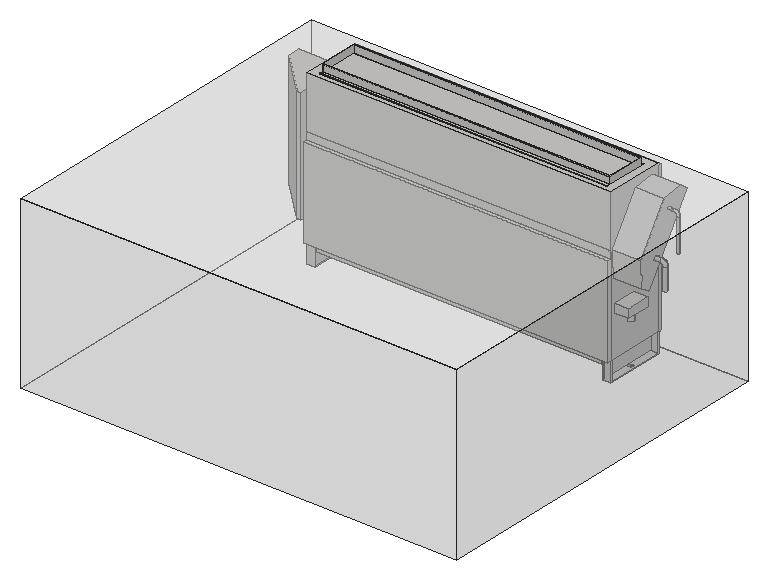
Revit family "outputfile", category 機械設備, Revit 2024
Family settings
  丸型コネクタ寸法 = 半径を使用
  パーツ タイプ = 標準
  OmniClass 番号 = 23.75.10.24.21.27.27
  OmniClass タイトル = Split System Air Conditioning Units
  作業面ベース = いいえ
  常に垂直 = はい
  ロード時にボイドで切り取り = いいえ
  注釈の向きを維持 = いいえ
  共有 = いいえ
  部屋計算ポイント = いいえ
Parameters (values of type "FXNQ50MAVE8")
  Description = ""
  製造元 = "Daikin"
  書き出し IFC クラス(タイプ) = "IfcUnitaryEquipmentType"
  定義済み IFC タイプ(タイプ) = "AIRCONDITIONINGUNIT"
  Cost = 0
  モデル = "FXNQ50MAVE8"
  Type Comments = ""
  Keynote = ""
  Type Image = (empty or 0)
  Assembly Code = ""
  w_hangerfixture = 0.0 mm
  w_dischargeflange = 984.0 mm
  w_body = 1040.0 mm
  r_Liquid Pipe Size = Liquid Pipe Size / 2  # 3.2 mm
  r_Gas Pipe Size = Gas Pipe Size / 2  # 6.35 mm
  w_mounting foot = 1030.0 mm
  r_Drain Pipe Size = Drain Pipe Size / 2  # 10.5 mm
  h_mountinghole = [h***] + 1.6 mm  # 1.6 mm
  lh_liquidpipe = 391.0 mm  # constant formula
  lh_gaspipe = 301.0 mm  # constant formula
  lh_drainpipe = 181.0 mm  # constant formula
  lh_antena = 583.4 mm  # constant formula
  ld_liquidpipe = 84.0 mm  # constant formula
  ld_gaspipe = 139.0 mm  # constant formula
  ld_drainpipe = 152.0 mm  # constant formula
  h*** = 0.0 mm  # constant formula
  w_front suction = 801.0 mm
  d_pipe_2 = 27.3 mm  # constant formula
  d_pipe_1 = 47.6 mm  # constant formula
  d_pipe = 71.2 mm  # constant formula
  d_body = 206.0 mm  # constant formula
  Width = 1350.4 mm
  Voltage_comment_50Hz = "220-240"
  Voltage_50Hz = 220 V
  Version = "ver.1.0"
  Unit Type = "Concealed Floor Standing Type"
  Unit Mass Weight = 27.00 kg
  Unit Designation [instance] = ""
  Uniclass2015Version = "Products v1.30"
  Uniclass2015Title = "Variable refrigerant flow units"
  Uniclass2015Code = "Pr_70_65_03_94"
  URL = ""
  Total Heating Capacity [instance] = 0.000 kW
  Total Cooling Capacity [instance] = 0.000 kW
  Sound Pressure Level_M speed (dBA) = 0
  Sound Pressure Level_L speed (dBA) = 35
  Sound Pressure Level_H speed (dBA) = 40
  Sound Power Level_H speed (dB) = 0
  Series = "VRV Fan Coil Unit"
  Sensible Cooling Capacity [instance] = 0.000 kW
  SA Duct Size Width = w_dischargeflange - 2.0 mm  # 982.0 mm
  SA Duct Size Height = 130.0 mm  # constant formula
  Refrigerant Type = "R410A"
  Power Input (Heating) = 0.110 kW
  Power Input (Cooling) = 0.110 kW
  Phase_50Hz = 1
  Option Accessory 3 [instance] = ""
  Option Accessory 2 [instance] = ""
  Option Accessory 1 [instance] = ""
  Nominal Heating Capacity = 6.300 kW
  Nominal Cooling Capacity = 5.600 kW
  Minimum External Static Pressure = 0.00 Pa
  Minimum Circuit Amps_50Hz = 0.6 A
  Minimum Airflow = 660.00 m³/h
  Median Airflow = 0.00 m³/h
  Maximum Fuse Amps_50Hz = 15.0 A
  Maximum External Static Pressure = 0.00 Pa
  Maximum Airflow = 840.00 m³/h
  Material_Casing = DAIKIN_GalvanizedSteel_Casing_indoorunit
  Load Classification = HVAC
  Liquid Pipe Size = 6.4 mm
  Link_Nested Family [instance] = ""
  IfcVersion = "0"
  IfcExportType = "AIRCONDITIONINGUNIT"
  IfcExportAs = "IfcUnitaryEquipmentType"
  Height = 609.0 mm
  Heating Entering Wet Bulb Temperature [instance] = 0.00 °C
  Heating Entering Dry Bulb Temperature [instance] = 0.00 °C
  Heating Ambient Wet Bulb Temperature [instance] = 0.00 °C
  Heating Ambient Dry Bulb Temperature [instance] = 0.00 °C
  Heat Exchanger Type = "Cross Fin Coil"
  Gas Pipe Size = 12.7 mm
  Frequency_50Hz = 50 Hz
  Fan Type = "Sirocco Fan"
  Fan Drive = "Direct Drive"
  FCU Tag No. [instance] = ""
  Drain Pipe Size = 21.0 mm
  Design Supply Airflow [instance] = 0.00 m³/h
  Design External Static Pressure [instance] = 0.00 Pa
  Depth = 225.0 mm
  既定の高さ = 0.0 mm
  Cooling Entering Wet Bulb Temperature [instance] = 0.00 °C
  Cooling Entering Dry Bulb Temperature [instance] = 0.00 °C
  Cooling Ambient Wet Bulb Temperature [instance] = 0.00 °C
  Cooling Ambient Dry Bulb Temperature [instance] = 0.00 °C
  Clearance visibility [instance] = yes
  Clearance Top = 0.0 mm
  Clearance Right = 150.0 mm
  Clearance Rear = 20.0 mm
  Clearance Left = 0.0 mm
  Clearance Front = 1000.0 mm
  Clearance Bottom = 0.0 mm
Reference planes
  plane 1: y = 0
  plane 2: z = 0
  plane 3 "Center (Left/Right)": x = 0
  plane 4 "Center (Front/Back)": y = -103
  plane 5: y = -206
  plane 6: x = -520
  plane 7: x = 520
  plane 8: z = 584
  plane 9: z = 68
  plane 10 "Top": z = 609
  plane 11: z = 584
  plane 12: z = 0
  plane 13: x = -690
  plane 14: x = 804
  plane 15: y = -1218
  plane 16: y = 27
  plane 17 "Bottom": z = 0
  plane 18: x = -487
  plane 19: x = 489
  plane 20: x = -539
  plane 21 "Left": x = -690
  plane 22: z = 129
  plane 23: z = 518
  plane 24: z = 564.5
  plane 25: y = -32
  plane 26: x = 618.8
  plane 27 "ld_drainpipe": y = -152
  plane 28: z = 181
  plane 29: z = 301
  plane 30: z = 391
  plane 31: x = 547
  plane 32: x = 505
  plane 33: x = -505
  plane 34 "ld_liquidpipe": y = -84
  plane 35 "ld_gaspipe": y = -139
  plane 36: x = 654
  plane 37: z = 518.4
  plane 38: z = 388.6
  plane 39: x = 506.7
  plane 40: x = -506.7
  plane 41: x = -614.5
  plane 42: y = -42
  plane 43: y = -25.8
  plane 44 "Back": y = 7
  plane 45: y = -207
  plane 46 "Front": y = -218
  plane 47 "Right": x = 660.4
Forms (mm)
  Extrusion 1, solid, material "DAIKIN_GalvanizedSteel_Casing_indoorunit" <- "Material_Casing"
    sketch origin (0, 0, 0) x (1, 0, 0) y (0, 1, 0)
      loop
        line (-520, 0) -> (-520, -206) -> (520, -206) -> (520, 0) -> (-520, 0)
    from 68 to 584
  Extrusion 2, solid, material "DAIKIN_GalvanizedSteel_Casing_indoorunit" <- "Material_Casing"
    sketch origin (520, -206, 0) x (-1, 0, 0) y (0, 0, -1)
      loop
        line (1040, -404) -> (1040, -380) -> (0, -380) -> (0, -404) -> (1040, -404)
    from 0 to 1
  Extrusion 3, solid, material "DAIKIN_GalvanizedSteel_Casing_indoorunit" <- "Material_Casing"
    sketch origin (520, -206, 0) x (-1, 0, 0) y (0, 0, -1)
      loop
        line (1040, -380) -> (1040, -68) -> (0, -68) -> (0, -380) -> (1040, -380)
    from 0 to 12
  Extrusion 4, solid, material "DAIKIN_GalvanizedSteel_Casing_indoorunit" <- "Material_Casing"
    sketch origin (0, 0, 68) x (0, 1, 0) y (1, 0, 0)
      loop
        line (0, -487) -> (0, 489) -> (-206, 489) -> (-206, -487) -> (0, -487)
    from 0 to 19.6
  Extrusion 5, solid, material "DAIKIN_GalvanizedSteel_Casing_indoorunit" <- "Material_Casing"
    sketch origin (-520, -206, 0) x (0, 1, 0) y (0, 0, -1)
      loop
        circle (103, -448.5) r 12.5
      loop
        circle (103, -243.5) r 12.5
    from 0 to 19
  Extrusion 6, solid, material "DAIKIN_GalvanizedSteel_Casing_indoorunit" <- "Material_Casing"
    sketch origin (0, 0, 68) x (-1, 0, 0) y (0, -1, 0)
      loop
        line (690, 25.8) -> (690, 71.25) -> (555.25, 206) -> (539, 206) -> (539, 25.8) -> (690, 25.8)
    from 61 to 450
  Extrusion 7, solid, material "DAIKIN_GalvanizedSteel_Casing_indoorunit" <- "Material_Casing"
    sketch origin (520, 0, 0) x (0, -1, 0) y (0, 0, -1)
      loop
        line (5.208, -545.14) -> (32, -564.5) -> (104, -554.5) -> (202.913, -407.529) -> (197.289, -319.3) -> (168.604, -299.952) -> (5.208, -545.14)
    from 0 to 98.8
  Extrusion 8, solid, material "DAIKIN_GalvanizedSteel_Casing_indoorunit" <- "Material_Casing"
    sketch origin (520, 0, 0) x (0, -1, 0) y (0, 0, -1)
      loop
        line (192.5, -240) -> (192.5, -210) -> (111.5, -210) -> (111.5, -240) -> (192.5, -240)
    from 0 to 50
  Extrusion 9, solid, material "DAIKIN_GalvanizedSteel_Casing_indoorunit" <- "Material_Casing"
    sketch origin (520, -111.5, 210) x (-1, 0, 0) y (0, 1, 0)
      loop
        circle (-27, -40.5) r 10.5
    from 0 to 29
  Sweep 10, solid, material "DAIKIN_GalvanizedSteel_Casing_indoorunit" <- "Material_Casing"
    path origin (0, -84, 0) x (0, 0, 1) y (1, 0, 0)
      loop
        line (518.4, 618.8) -> (518.4, 641)
        arc (518.4, 641) -> (514.592, 650.192) -> (505.4, 654) r 13
        line (505.4, 654) -> (391, 654)
    profile origin (629.9, -84, 518.4) x (0, 0, -1) y (0, 1, 0)
      loop
        circle (0, 0) r 3.2
  Sweep 11, solid, material "DAIKIN_GalvanizedSteel_Casing_indoorunit" <- "Material_Casing"
    path origin (0, -139, 0) x (0, 0, 1) y (1, 0, 0)
      loop
        line (388.6, 618.8) -> (388.6, 641)
        arc (388.6, 641) -> (384.792, 650.192) -> (375.6, 654) r 13
        line (375.6, 654) -> (301, 654)
    profile origin (629.9, -139, 388.6) x (0, 0, -1) y (0, 1, 0)
      loop
        circle (0, 0) r 6.35
  Extrusion 12, void
    sketch origin (4267.2, 7, -304.8) x (0, 0, 1) y (1, 0, 0)
      loop
        line (552.8, -4778.2) -> (552.8, -4766.2) -> (522.8, -4766.2) -> (522.8, -4778.2) -> (552.8, -4778.2)
      loop
        line (552.8, -3768.2) -> (552.8, -3756.2) -> (522.8, -3756.2) -> (522.8, -3768.2) -> (552.8, -3768.2)
    from 0 to -5
  Extrusion 13, void
    sketch origin (4267.2, 7, -304.8) x (0, 0, 1) y (1, 0, 0)
      loop
        line (744.8, -4778.2) -> (744.8, -4766.2) -> (714.8, -4766.2) -> (714.8, -4778.2) -> (744.8, -4778.2)
      loop
        line (744.8, -3768.2) -> (744.8, -3756.2) -> (714.8, -3756.2) -> (714.8, -3768.2) -> (744.8, -3768.2)
    from 0 to -5
  Extrusion 14, solid, material "DAIKIN_GalvanizedSteel_Casing_indoorunit" <- "Material_Casing"
    sketch origin (0, 0, 0) x (0, 1, 0) y (0, 0, 1)
      loop
        line (0, 584) -> (0, 62.5) -> (7, 70.007) -> (7, 576.493) -> (0, 584)
    from -520 to 520
Cuts and joins
  Extrusion 12, Extrusion 13 cuts Extrusion 1
  Extrusion 12 cuts Extrusion 3
  Extrusion 12, Extrusion 13 cuts Extrusion 14
Dimensions and locks
  "d_body": plane 1 to plane 5
  equal spacing: plane 5, plane 4 "Center (Front/Back)", plane 1
  "w_body": plane 6 to plane 7
  equal spacing: plane 6, plane 3 "Center (Left/Right)", plane 7
  "Clearance Top": plane 11 to plane 8
  locked: plane 10 "Top" to plane 8 at 25
  "h***": plane 17 "Bottom" to plane 2
  "Height": plane 10 "Top" to plane 17 "Bottom"
  locked: plane 8 to plane 9 at 516
  "Clearance Bottom": plane 17 "Bottom" to plane 12
  locked: Extrusion 2 sketch curve to Extrusion 2 sketch curve at 24
  locked: Extrusion 2 sketch curve to plane 9 at 312
  locked: plane 6 to plane 18 at 33
  locked: plane 19 to plane 7 at 31
  plane 18 to plane 19 = 976.0 mm
  locked: Extrusion 5 sketch curve to plane 9 at 175.5
  locked: Extrusion 5 sketch curve to Extrusion 5 sketch curve at 205
  locked: plane 6 to plane 20 at 19
  plane 23 to plane 22 to plane 17 "Bottom" = 389.0 mm locked, 129.0 mm locked
  locked: plane 21 "Left" to plane 6 at 170
  locked: plane 10 "Top" to plane 24 at 44.5
  locked: plane 5 to plane 25 at 174
  locked: plane 7 to plane 26 at 98.8
  locked: Extrusion 8 sketch curve to Extrusion 8 sketch curve at 30
  locked: Extrusion 8 sketch curve to Extrusion 8 sketch curve at 81
  locked: Extrusion 8 sketch curve to plane 17 "Bottom" at 240
  locked: plane 27 "ld_drainpipe" to Extrusion 8 sketch curve at 40.5
  "lh_drainpipe": plane 28 to plane 17 "Bottom"
  "lh_gaspipe": plane 29 to plane 17 "Bottom"
  "lh_liquidpipe": plane 30 to plane 17 "Bottom"
  locked: plane 33 to plane 6 at 15
  locked: plane 7 to plane 32 at 15
  locked: plane 31 to plane 32 at 42
  locked: plane 36 to plane 7 at 134
  locked: plane 10 "Top" to plane 37 at 90.6
  locked: plane 10 "Top" to plane 38 at 220.4
  locked: plane 6 to plane 40 at 13.3
  locked: plane 39 to plane 7 at 13.3
  equal spacing: plane 32, plane 3 "Center (Left/Right)", plane 33
  plane 32 to plane 33 = 1010.0 mm
  locked: Extrusion 12 sketch curve to Extrusion 12 sketch curve at 30  (x2)
  locked: Extrusion 12 sketch curve to Extrusion 12 sketch curve at 12  (x2)
  locked: Extrusion 12 sketch curve to plane 33 at 6
  locked: Extrusion 12 sketch curve to plane 17 "Bottom" at 218  (x2)
  locked: plane 32 to Extrusion 12 sketch curve at 6
  locked: Extrusion 13 sketch curve to Extrusion 13 sketch curve at 12  (x2)
  locked: Extrusion 13 sketch curve to Extrusion 13 sketch curve at 30  (x2)
  locked: Extrusion 13 sketch curve to plane 33 at 6
  locked: plane 32 to Extrusion 13 sketch curve at 6
  locked: Extrusion 13 sketch curve to plane 17 "Bottom" at 410  (x2)
  locked: plane 21 "Left" to plane 41 at 75.5
  locked: plane 42 to plane 1 at 42
  locked: plane 43 to plane 5 at 180.2
  locked: Extrusion 6 sketch curve to plane 20 at 16.25
  locked: plane 43 to Extrusion 6 sketch curve at 45.45
  locked: plane 1 to plane 44 "Back" at 7
  "ld_liquidpipe": plane 34 "ld_liquidpipe" to plane 1
  "ld_gaspipe": plane 35 "ld_gaspipe" to plane 1
  "ld_drainpipe": plane 27 "ld_drainpipe" to plane 1
  locked: plane 5 to plane 45 at 1
  plane 5 to plane 46 "Front" = 12.0 mm
  locked: plane 9 to Extrusion 14 sketch curve at 5.5
  "Width": plane 21 "Left" to plane 47 "Right"
  "Depth": plane 46 "Front" to plane 44 "Back"
  "Clearance Left": plane 21 "Left" to plane 13
  "Clearance Right": plane 36 to plane 14
  "Clearance Rear": plane 44 "Back" to plane 16
  "Clearance Front": plane 46 "Front" to plane 15
  "Drain Pipe Size": diameter of Extrusion 9 sketch curve
  "Gas Pipe Size": diameter of Sweep 11 sketch curve
  locked: Extrusion 6 sketch curve to Extrusion 6 sketch curve (angle 45.00°)
  locked: Extrusion 14 sketch curve to cut or joined group of Extrusion 1, Extrusion 12, Extrusion 13 (angle 43.00°)
  locked: cut or joined group of Extrusion 1, Extrusion 12, Extrusion 13 to Extrusion 14 sketch curve (angle 43.00°)
  aligned and locked: level to plane 2
  aligned and locked: plane 1 to Extrusion 1 sketch curve
  aligned and locked: plane 6 to Extrusion 1 sketch curve
  aligned and locked: plane 5 to Extrusion 1 sketch curve
  aligned and locked: Extrusion 1 sketch curve to plane 7
  aligned and locked: plane 8 to Extrusion 1
  aligned and locked: Extrusion 1 to plane 9
  aligned and locked: nested 1 to plane 4 "Center (Front/Back)"
  aligned and locked: plane 4 "Center (Front/Back)" to nested 2
  aligned and locked: plane 8 to nested 3
  aligned and locked: nested 3 to plane 10 "Top"
  aligned and locked: plane 3 "Center (Left/Right)" to nested 3
  aligned and locked: nested 4 to plane 16
  aligned and locked: nested 4 to plane 15
  aligned and locked: plane 11 to nested 4
  aligned and locked: plane 12 to nested 4
  aligned and locked: plane 13 to nested 4
  aligned and locked: plane 14 to nested 4
  aligned and locked: nested 5 to plane 4 "Center (Front/Back)"
  aligned and locked: nested 6 to plane 4 "Center (Front/Back)"
  aligned and locked: nested 2 to plane 6
  aligned and locked: nested 1 to plane 7
  aligned and locked: plane 6 to Extrusion 2 sketch curve
  aligned and locked: Extrusion 2 sketch curve to plane 7
  aligned and locked: plane 6 to Extrusion 3 sketch curve
  aligned and locked: Extrusion 3 sketch curve to plane 7
  aligned and locked: Extrusion 3 sketch curve to Extrusion 2
  aligned and locked: plane 9 to Extrusion 3 sketch curve
  aligned and locked: plane 1 to Extrusion 4 sketch curve
  aligned and locked: plane 5 to Extrusion 4 sketch curve
  aligned and locked: plane 18 to Extrusion 4 sketch curve
  aligned and locked: Extrusion 4 sketch curve to plane 19
  aligned and locked: plane 4 "Center (Front/Back)" to Extrusion 5 sketch curve  (x2)
  aligned and locked: Extrusion 5 to plane 20
  aligned and locked: plane 21 "Left" to Extrusion 6 sketch curve
  aligned and locked: Extrusion 6 sketch curve to plane 20
  aligned and locked: plane 23 to Extrusion 6
  aligned and locked: Extrusion 6 to plane 22
  aligned and locked: plane 26 to Extrusion 7
  aligned and locked: plane 25 to Extrusion 7 sketch curve
  aligned and locked: plane 24 to Extrusion 7 sketch curve
  aligned and locked: plane 31 to Extrusion 9 sketch curve
  aligned and locked: plane 27 "ld_drainpipe" to Extrusion 9 sketch curve
  aligned and locked: Extrusion 9 to plane 28
  aligned and locked: plane 36 to Sweep 10 sketch curve
  aligned and locked: Sweep 10 sketch curve to plane 37
  aligned and locked: plane 30 to Sweep 10 sketch curve
  aligned and locked: plane 26 to Sweep 10 sketch curve
  aligned and locked: plane 29 to Sweep 11 sketch curve
  aligned and locked: plane 26 to Sweep 11 sketch curve
  aligned and locked: Sweep 11 sketch curve to plane 38
  aligned and locked: plane 36 to Sweep 11 sketch curve
  aligned and locked: nested 5 to plane 39
  aligned and locked: plane 40 to nested 6
  aligned and locked: nested 7 to plane 28
  aligned and locked: plane 9 to nested 1
  aligned and locked: nested 2 to plane 9
  aligned and locked: plane 31 to nested 7
  aligned and locked: nested 8 to plane 29
  aligned and locked: nested 8 to plane 36
  aligned and locked: nested 9 to plane 30
  aligned and locked: nested 9 to plane 36
  aligned and locked: nested 10 to plane 22
  aligned and locked: nested 10 to plane 41
  aligned and locked: plane 4 "Center (Front/Back)" to nested 10
  aligned and locked: nested 3 to plane 42
  aligned and locked: Extrusion 6 sketch curve to plane 43
  aligned and locked: Extrusion 6 sketch curve to plane 5
  aligned and locked: plane 11 to Extrusion 14 sketch curve
  aligned and locked: Extrusion 14 to plane 6
  aligned and locked: plane 7 to Extrusion 14
  aligned and locked: nested 9 to plane 34 "ld_liquidpipe"
  aligned and locked: nested 8 to plane 35 "ld_gaspipe"
  aligned and locked: nested 7 to plane 27 "ld_drainpipe"
  aligned and locked: Extrusion 2 to plane 45
  aligned and locked: cut or joined group of Extrusion 3, Extrusion 12 to plane 46 "Front"
  aligned and locked: Extrusion 14 sketch curve to plane 44 "Back"
Automatic sketch dimensions
  Extrusion 1 sketch curve to plane 5 = 0.0 mm
  Extrusion 1 to Extrusion 7 sketch curve = 5.208 mm
  Extrusion 1 to Extrusion 7 sketch curve = 29.5 mm
  Extrusion 7 sketch curve to Extrusion 7 sketch curve = 72.0 mm
  Extrusion 1 to Extrusion 7 sketch curve = 37.396 mm
  Extrusion 1 to Extrusion 7 sketch curve = 8.711 mm
  Extrusion 1 to Extrusion 7 sketch curve = 3.087 mm
  Extrusion 7 sketch curve to Extrusion 7 sketch curve = 19.36 mm
  Extrusion 1 to Extrusion 7 sketch curve = 176.471 mm
  Extrusion 7 sketch curve to Extrusion 7 sketch curve = 88.229 mm
  Extrusion 7 sketch curve to Extrusion 7 sketch curve = 19.348 mm
  Sweep 10 sketch curve to profile plane = 0.0 mm  (x2)
  Sweep 10 sketch curve to plane 23 = 12.6 mm
  Sweep 11 sketch curve to plane 38 = 13.0 mm
  Extrusion 14 sketch curve to plane 1 = 0.0 mm
  Sweep 11 sketch curve to plane 35 "ld_gaspipe" = 0.0 mm
  Sweep 11 sketch curve to profile plane = 0.0 mm
  radius of Extrusion 5 sketch curve = 12.5 mm  (x2)
  radius of Sweep 10 sketch curve = 3.2 mm
Nested families
  nested 1: "daikin_hangerfixture_FXNQ-MAVE8" at (520, -103, 68) x (0, -1, 0) z (0, 0, 1), type "daikin_hangerfixture_FXNQ-MAVE8"
  nested 2: "daikin_hangerfixture_FXNQ-MAVE8" at (-520, -103, 68) x (0, -1, 0) z (0, 0, 1), type "daikin_hangerfixture_FXNQ-MAVE8"
  nested 3: "daikin_ductflange_FXNQ-MAVE8" at (0, -186.5, 584) x (1, 0, 0) z (0, 1, 0), width <- "w_dischargeflange", material <- "Material_Casing", type "daikin_ductflange_FXNQ-MAVE8"
    with width 984.0 mm, material DAIKIN_GalvanizedSteel_Casing_indoorunit, height 157.0 mm, depth 25.0 mm
  nested 4: "daikin_clearancespace" at (57, -595.5, 292.119), visible <- "Clearance visibility", show <- "Clearance visibility", Link_Nested Family <- "Link_Nested Family", type "daikin_clearancespace"
    with width 1494.0 mm, show yes, height 584.0 mm, depth 1245.0 mm, Link_Nested Family ""
  nested 5: "daikin_mountinghole" at (506.7, -103, 0), Link_Nested Family <- "Link_Nested Family", h_mountinghole <- "h_mountinghole", l_antenna <- "lh_antena", type "daikin_mountinghole"
    with show yes, l_antenna 583.4 mm, h_mountinghole 1.6 mm, Link_Nested Family ""
  nested 6: "daikin_mountinghole" at (-506.7, -103, 0), Link_Nested Family <- "Link_Nested Family", h_mountinghole <- "h_mountinghole", l_antenna <- "lh_antena", type "daikin_mountinghole"
    with show yes, l_antenna 583.4 mm, h_mountinghole 1.6 mm, Link_Nested Family ""
  nested 7: "daikin_connector_rotate2" at (547, -152, 210) x (1, 0, 0) z (0, -1, 0), radius <- "r_Drain Pipe Size", type "daikin_connector_rotate2"
    with radius 10.5 mm, length 29.0 mm, angle_vertical 90.00°, show_face no
  nested 8: "daikin_connector_rotate2" at (654, -139, 381) x (1, 0, 0) z (0, -1, 0), radius <- "r_Gas Pipe Size", type "daikin_connector_rotate2"
    with radius 6.35 mm, length 80.0 mm, angle_vertical 90.00°, show_face no
  nested 9: "daikin_connector_rotate2" at (654, -84, 491) x (1, 0, 0) z (0, -1, 0), radius <- "r_Liquid Pipe Size", type "daikin_connector_rotate2"
    with radius 3.2 mm, length 100.0 mm, angle_vertical 90.00°, show_face no
  nested 10: "daikin_connector_rotate2" at (-614.5, -103, 229) x (1, 0, 0) z (0, -1, 0), type "daikin_connector_rotate2"
    with radius 10.0 mm, length 100.0 mm, angle_vertical 90.00°, show_face no
Connectors
  hvac at (0, -108, 609), driven by "SA Duct Size Height", driven by "SA Duct Size Width"
    settings: on nested 3, index 1, duct flow 0.00 m³/h, flow factor 0, pres drop 0.00 Pa, loss coef 0, conn angle 0.00°, conn width 982.0 mm, conn height 130.0 mm, conn diameter 609.6 mm, duct sys type 1, conn prof type 1, flow config 0, flow direction 2, loss method 4, conn ref index -1, conn util no, is conn primary yes, conn desc "SA Duct"
  electrical at (-614.5, -103, 129), driven by "Load Classification"
    settings: on nested 10, index 5, voltage 0 V, apparent load 0 VA, apparent load phase1 0 VA, apparent load phase2 0 VA, apparent load phase3 0 VA, power factor 1, load classification "HVAC", number of poles 1, system type 30, power factor state 1, is connector primary yes, connector utility no, sub classification motor no, connector description "Power Supply"
  piping at (654, -84, 391), diameter 6.4, driven by "r_Liquid Pipe Size"
    settings: on Sweep 10, index 6, connector inside diameter 609.6 mm, connector length 0.0 mm, flow factor 0, pipe flow 0.00 m³/h, pressure drop 0.0 Pa, fitting loss kfactor 0, connector angle 0.00°, fixture units 0, engagement length 0.0 mm, angle of deflection 0.00°, flow configuration 1, flow direction 1, fitting loss method 0, system type 29, joint type 0, gender type 0, connector reference index -1, connector utility 0, adjustable connector no, is connector primary yes, connector description "Refrigerant Liquid Piping"
  piping at (654, -139, 301), diameter 12.7, driven by "r_Gas Pipe Size"
    settings: on Sweep 11, index 7, connector inside diameter 609.6 mm, connector length 0.0 mm, flow factor 0, pipe flow 0.00 m³/h, pressure drop 0.0 Pa, fitting loss kfactor 0, connector angle 0.00°, fixture units 0, engagement length 0.0 mm, angle of deflection 0.00°, flow configuration 1, flow direction 2, fitting loss method 0, system type 29, joint type 0, gender type 0, connector reference index -1, connector utility 0, adjustable connector no, is connector primary no, connector description "Refrigerant Gas Piping"
  piping at (547, -152, 181), diameter 21, driven by "r_Drain Pipe Size"
    settings: on Extrusion 9, index 8, connector inside diameter 609.6 mm, connector length 0.0 mm, flow factor 0, pipe flow 0.00 m³/h, pressure drop 0.0 Pa, fitting loss kfactor 0, connector angle 0.00°, fixture units 0, engagement length 0.0 mm, angle of deflection 0.00°, flow configuration 1, flow direction 2, fitting loss method 4, system type 16, joint type 0, gender type 0, connector reference index -1, connector utility 0, adjustable connector no, is connector primary no, connector description "Condensate Drain Piping"
Definition of nested family "daikin_hangerfixture_FXNQ-MAVE8"
  Parameters (values of type "daikin_hangerfixture_FXNQ-A2VEB")
    width = 202.0 mm
    material = none
    height = 68.0 mm
    depth = 28.2 mm
    Default Elevation = 0.0 mm
  Reference planes
    plane 1 "Center (Front/Back)": y = 0
    plane 2: z = 0
    plane 3 "Center (Left/Right)": x = 0
    plane 4: y = -28.2
    plane 5: x = -101
    plane 6: x = 101
    plane 7: z = -68
    plane 8: x = 99.4
    plane 9: x = -99.4
  Forms (mm)
    Extrusion 1, solid, material <- "material"
      sketch origin (0, 0, 0) x (0, 1, 0) y (0, 0, 1)
        loop
          line (-26.6, 0) -> (-28.2, 0) -> (-28.2, -66.4)
          arc (-28.2, -66.4) -> (-27.731, -67.531) -> (-26.6, -68) r 1.6
          line (-26.6, -68) -> (0, -68) -> (0, -66.4) -> (-26.6, -66.4) -> (-26.6, 0)
      from -101 to 101
    Extrusion 2, solid, material <- "material"
      sketch origin (0, 0, 0) x (0, 1, 0) y (0, 0, 1)
        loop
          line (-26.6, -66.4) -> (0, -66.4) -> (0, 0) -> (-26.6, 0) -> (-26.6, -66.4)
      from 99.4 to 101
    Extrusion 3, solid, material <- "material"
      sketch origin (-265, -1.4, 0) x (0, 1, 0) y (0, 0, 1)
        loop
          line (-25.2, -66.4) -> (1.4, -66.4) -> (1.4, 0) -> (-25.2, 0) -> (-25.2, -66.4)
      from 164 to 165.6
    Extrusion 4, void
      sketch origin (0, 0, -66.4) x (1, 0, 0) y (0, -1, 0)
        loop
          circle (0, 13.3) r 7.5
      from -24.55 to 101.68
  Cuts and joins
    Extrusion 4 cuts Extrusion 1
    Extrusion 4 cuts Extrusion 2
    Extrusion 4 cuts Extrusion 3
    joined: Extrusion 1, Extrusion 2, Extrusion 3
  Dimensions and locks
    "width": plane 5 to plane 6
    "depth": plane 4 to plane 1 "Center (Front/Back)"
    equal spacing: plane 5, plane 3 "Center (Left/Right)", plane 6
    "height": level to plane 7
    locked: plane 8 to plane 6 at 1.6
    locked: plane 5 to plane 9 at 1.6
    plane 4 to Extrusion 1 sketch curve = 1.6 mm
    locked: Extrusion 4 sketch curve to plane 1 "Center (Front/Back)" at 13.3
    diameter of Extrusion 4 sketch curve = 15.0 mm
    aligned and locked: level to plane 2
    aligned and locked: Extrusion 1 to plane 5
    aligned and locked: plane 6 to Extrusion 1
    aligned and locked: Extrusion 1 to plane 1 "Center (Front/Back)"
    aligned and locked: plane 6 to Extrusion 2
    aligned and locked: Extrusion 2 to plane 8
    aligned and locked: Extrusion 3 to plane 5
    aligned and locked: plane 9 to Extrusion 3
    aligned and locked: plane 1 "Center (Front/Back)" to Extrusion 3 sketch curve
    aligned and locked: plane 1 "Center (Front/Back)" to Extrusion 2 sketch curve
    aligned and locked: Extrusion 1 sketch curve to plane 4
    aligned and locked: Extrusion 3 sketch curve to Extrusion 1
    aligned and locked: Extrusion 3 sketch curve to plane 2
    aligned and locked: Extrusion 2 sketch curve to Extrusion 1
    aligned and locked: plane 2 to Extrusion 2 sketch curve
    aligned and locked: plane 3 "Center (Left/Right)" to Extrusion 4 sketch curve
  Automatic sketch dimensions
    Extrusion 1 sketch curve to level = 0.0 mm
    Extrusion 1 sketch curve to plane 7 = 0.0 mm
    Extrusion 1 sketch curve to plane 1 "Center (Front/Back)" = 0.0 mm
    Extrusion 1 sketch curve to Extrusion 1 sketch curve = 0.0 mm  (x2)
    plane 7 to Extrusion 3 sketch curve = 1.6 mm
    plane 7 to Extrusion 2 sketch curve = 1.6 mm
Definition of nested family "daikin_ductflange_FXNQ-MAVE8"
  Parameters (values of type "daikin_ductflange_FXNQ-MAVE8")
    width [instance] = 662.0 mm
    material [instance] = none
    height [instance] = 157.0 mm
    depth [instance] = 25.0 mm
    Default Elevation = 0.0 mm
  Reference planes
    plane 1 "Center (Front/Back)": y = 0
    plane 2: z = 0
    plane 3 "Center (Left/Right)": x = 0
    plane 4: y = -25
    plane 5: x = -331
    plane 6: x = 331
    plane 7 "Top": z = 157
    plane 8: y = -1
    plane 9: z = 143.5
    plane 10: z = 13.5
    plane 11 "Center (Elevation)": z = 78.5
    plane 12: x = -330
    plane 13: x = 330
  Forms (mm)
    Extrusion 1, solid, material <- "material"
      sketch origin (0, 0, 0) x (1, 0, 0) y (0, 0, 1)
        loop
          line (-331, 157) -> (-331, 0) -> (331, 0) -> (331, 157) -> (-331, 157)
        loop
          line (-330, 143.5) -> (-330, 13.5) -> (330, 13.5) -> (330, 143.5) -> (-330, 143.5)
      from 0 to 1
    Extrusion 2, solid, material <- "material"
      sketch origin (0, 0, 0) x (1, 0, 0) y (0, 1, 0)
        loop
          line (-331, -1) -> (-331, -25) -> (-330, -25) -> (-330, -1) -> (-331, -1)
        loop
          line (330, -1) -> (330, -25) -> (331, -25) -> (331, -1) -> (330, -1)
      from 13.5 to 143.5
    Extrusion 3, solid, material <- "material"
      sketch origin (0, 0, 0) x (0, 1, 0) y (0, 0, 1)
        loop
          line (-1, 143.5) -> (-1, 144.5) -> (-25, 144.5) -> (-25, 143.5) -> (-1, 143.5)
        loop
          line (-1, 13.5) -> (-25, 13.5) -> (-25, 12.5) -> (-1, 12.5) -> (-1, 13.5)
      from -331 to 331
  Cuts and joins
    joined: Extrusion 1, Extrusion 2, Extrusion 3
  Dimensions and locks
    "height": plane 7 "Top" to plane 2
    "width": plane 5 to plane 6
    equal spacing: plane 5, plane 3 "Center (Left/Right)", plane 6
    "depth": plane 1 "Center (Front/Back)" to plane 4
    locked: plane 8 to plane 1 "Center (Front/Back)" at 1
    equal spacing: plane 7 "Top", plane 11 "Center (Elevation)", plane 2
    locked: Extrusion 3 sketch curve to Extrusion 2 at 1  (x2)
    locked: plane 12 to plane 5 at 1
    locked: plane 6 to plane 13 at 1
    plane 9 to plane 11 "Center (Elevation)" to plane 10 = 65.0 mm locked, 65.0 mm locked
    aligned and locked: level to plane 2
    aligned and locked: Extrusion 1 sketch curve to plane 7 "Top"
    aligned and locked: plane 5 to Extrusion 1 sketch curve
    aligned and locked: Extrusion 1 sketch curve to plane 6
    aligned and locked: plane 2 to Extrusion 1 sketch curve
    aligned and locked: Extrusion 1 to plane 8
    aligned and locked: plane 9 to Extrusion 2
    aligned and locked: Extrusion 2 to plane 10
    aligned and locked: plane 8 to Extrusion 3 sketch curve
    aligned and locked: Extrusion 3 sketch curve to plane 9
    aligned and locked: Extrusion 3 sketch curve to plane 8
    aligned and locked: Extrusion 3 sketch curve to plane 10
    aligned and locked: Extrusion 3 to plane 5
    aligned and locked: plane 6 to Extrusion 3
    aligned and locked: plane 4 to Extrusion 3 sketch curve
    aligned and locked: Extrusion 3 sketch curve to plane 4
    aligned and locked: plane 5 to Extrusion 2 sketch curve
    aligned and locked: Extrusion 2 sketch curve to plane 12
    aligned and locked: Extrusion 2 sketch curve to plane 6
    aligned and locked: plane 13 to Extrusion 2 sketch curve
    aligned and locked: Extrusion 2 sketch curve to plane 8
    aligned and locked: plane 4 to Extrusion 2 sketch curve
    aligned and locked: plane 12 to Extrusion 1 sketch curve
    aligned and locked: Extrusion 1 sketch curve to plane 13
    aligned and locked: Extrusion 1 sketch curve to plane 9
    aligned and locked: plane 10 to Extrusion 1 sketch curve
  Automatic sketch dimensions
    Extrusion 2 sketch curve to plane 4 = 0.0 mm
    Extrusion 2 sketch curve to plane 8 = 0.0 mm
Definition of nested family "daikin_clearancespace"
  Parameters (values of type "daikin_clearancespace")
    width [instance] = 1823.963 mm
    show [instance] = yes
    material = none
    height [instance] = 1359.762 mm
    depth [instance] = 880.0 mm
    Default Elevation = 0.0 mm
    Link_Nested Family [instance] = ""
  Reference planes
    plane 1 "Center (Front/Back)": y = 0
    plane 2 "Center (Elevation)": z = -0.119
    plane 3 "Center (Left/Right)": x = 0
    plane 4: y = 440
    plane 5: y = -440
    plane 6 "Right": x = 911.982
    plane 7 "Left": x = -911.982
    plane 8 "Top": z = 679.762
    plane 9 "Bottom": z = -680
  Forms (mm)
    Extrusion 1, solid, material <- "material", visible <- "show"
      sketch origin (0, 0, 0) x (1, 0, 0) y (0, 1, 0)
        loop
          line (-911.982, 440) -> (-911.982, -440) -> (911.982, -440) -> (911.982, 440) -> (-911.982, 440)
      from -680 to 679.762
  Lines and regions (mm)
    symbolic lines, visible <- "show"
      curve 1: line (911.982, 440, 0) -> (-911.982, 440, 0)
      curve 2: line (-911.982, 440, 0) -> (-911.982, -440, 0)
      curve 3: line (-911.982, -440, 0) -> (911.982, -440, 0)
      curve 4: line (911.982, -440, 0) -> (911.982, 440, 0)
      curve 5: line (911.982, 0, 679.762) -> (-911.982, 0, 679.762)
      curve 6: line (911.982, 0, -680) -> (911.982, 0, 679.762)
      curve 7: line (-911.982, 0, -680) -> (911.982, 0, -680)
      curve 8: line (-911.982, 0, 679.762) -> (-911.982, 0, -680)
      curve 9: line (0, 440, 679.762) -> (0, -440, 679.762)
      curve 10: line (0, -440, 679.762) -> (0, -440, -680)
      curve 11: line (0, 440, -680) -> (0, 440, 679.762)
      curve 12: line (0, -440, -680) -> (0, 440, -680)
  Dimensions and locks
    "width": plane 7 "Left" to plane 6 "Right"
    "depth": plane 4 to plane 5
    "height": plane 8 "Top" to plane 9 "Bottom"
    equal spacing: plane 7 "Left", plane 3 "Center (Left/Right)", plane 6 "Right"
    equal spacing: plane 4, plane 1 "Center (Front/Back)", plane 5
    equal spacing: plane 8 "Top", plane 2 "Center (Elevation)", plane 9 "Bottom"
    aligned and locked: level to plane 2 "Center (Elevation)"
    aligned and locked: Extrusion 1 sketch curve to plane 4
    aligned and locked: plane 7 "Left" to Extrusion 1 sketch curve
    aligned and locked: Extrusion 1 sketch curve to plane 5
    aligned and locked: Extrusion 1 sketch curve to plane 6 "Right"
    aligned and locked: plane 8 "Top" to Extrusion 1
    aligned and locked: curve 1 to Extrusion 1
    aligned and locked: curve 2 to Extrusion 1
    aligned and locked: curve 3 to Extrusion 1
    aligned and locked: curve 4 to Extrusion 1
    aligned and locked: curve 5 to Extrusion 1
    aligned and locked: curve 6 to Extrusion 1
    aligned and locked: curve 7 to Extrusion 1
    aligned and locked: curve 8 to Extrusion 1
    aligned and locked: curve 9 to Extrusion 1
    aligned and locked: curve 10 to Extrusion 1
    aligned and locked: curve 11 to Extrusion 1
    aligned and locked: curve 12 to Extrusion 1
    aligned and locked: Extrusion 1 to plane 9 "Bottom"
Definition of nested family "daikin_mountinghole"
  Parameters (values of type "daikin_mountinghole")
    Default Elevation = 1219.2 mm
    Type Comments = "mountinghole"
    show [instance] = yes
    material = none
    l_centerline = 100.0 mm
    l_antenna [instance] = 100.0 mm
    h_mountinghole [instance] = 0.0 mm
    d_circle = 30.0 mm
    Link_Nested Family [instance] = ""
  Reference planes
    plane 1 "Center (Front/Back)": y = 0
    plane 2: z = 0
    plane 3 "Center (Left/Right)": x = 0
    plane 4: y = 50
    plane 5: x = -50
    plane 6: x = 50
    plane 7: y = -50
    plane 8 "h_mountinghole": z = 0
    plane 9: z = 100
  Lines and regions (mm)
    model lines, detail levels fine
      curve 1: circle (0, 0, 0) r 15 normal (0, 0, 1)
      curve 2: line (-50, 0, 0) -> (50, 0, 0)
      curve 3: line (0, 50, 0) -> (0, -50, 0)
    symbolic lines, detail levels fine
      curve 4: circle (0, 0, 0) r 15 normal (0, 0, 1)
      curve 5: line (-50, 0, 0) -> (50, 0, 0)
      curve 6: line (0, 50, 0) -> (0, -50, 0)
    model lines
      curve 7: line (0, 0, 100) -> (0, 0, 0)
  Dimensions and locks
    equal spacing: plane 4, plane 1 "Center (Front/Back)", plane 7
    "l_centerline": plane 4 to plane 7
    equal spacing: plane 5, plane 3 "Center (Left/Right)", plane 6
    "l_centerline": plane 5 to plane 6
    "l_antenna": plane 9 to plane 8 "h_mountinghole"
    "h_mountinghole": plane 8 "h_mountinghole" to plane 2
    "d_circle": diameter of curve 1
    "d_circle": diameter of curve 4
    aligned and locked: level to plane 2
    aligned and locked: plane 1 "Center (Front/Back)" to curve 1
    aligned and locked: plane 3 "Center (Left/Right)" to curve 1
    aligned and locked: plane 1 "Center (Front/Back)" to curve 2
    aligned and locked: curve 3 to plane 3 "Center (Left/Right)"
    aligned and locked: plane 6 to curve 2
    aligned and locked: plane 5 to curve 2
    aligned and locked: plane 4 to curve 3
    aligned and locked: plane 7 to curve 3
    aligned and locked: plane 1 "Center (Front/Back)" to curve 4
    aligned and locked: plane 3 "Center (Left/Right)" to curve 4
    aligned and locked: plane 6 to curve 5
    aligned and locked: plane 5 to curve 5
    aligned and locked: plane 1 "Center (Front/Back)" to curve 5
    aligned and locked: plane 4 to curve 6
    aligned and locked: plane 7 to curve 6
    aligned and locked: curve 6 to plane 3 "Center (Left/Right)"
    aligned and locked: curve 7 to plane 3 "Center (Left/Right)"
    aligned and locked: plane 9 to curve 7
    aligned and locked: plane 8 "h_mountinghole" to curve 7
Definition of nested family "daikin_connector_rotate2"
  Parameters (values of type "daikin_connector_rotate2")
    show_face = yes
    radius [instance] = 10.0 mm
    length [instance] = 600.0 mm
    d_surface = 10.0 mm
    angle_vertical [instance] = 90.00°
    Default Elevation = 0.0 mm
  Reference planes
    plane 1 "Center (Front/Back)": y = 0
    plane 2: z = 0
    plane 3 "Center (Left/Right)": x = 0
  Forms (mm)
    Extrusion 1, solid, visible <- "show_face"
      sketch origin (0, -600, 0) x (1, 0, 0) y (0, 0, 1)
        loop
          circle (0, 0) r 10
      from 0 to -10
  Lines and regions (mm)
    reference lines
      curve 1: line (0, 0, 0) -> (0, -600, 0)
    symbolic lines
      curve 2: circle (0, 0, 0) r 5 normal (0, 0, 1)
    model lines, visible <- "show_face"
      curve 3: line (0, 0, 0) -> (0, -600, 0)
  Dimensions and locks
    "length": curve 1 to curve 1
    "length": curve 3 to curve 3
    "d_surface": Extrusion 1 to Extrusion 1
    "radius": radius of Extrusion 1 sketch curve
    "angle_vertical": angle curve 1 to plane 1 "Center (Front/Back)"
    "angle_vertical": angle curve 3 to plane 1 "Center (Front/Back)"
    aligned and locked: level to plane 2
    aligned and locked: plane 1 "Center (Front/Back)" to curve 1
    aligned and locked: plane 2 to curve 1
    aligned and locked: plane 1 "Center (Front/Back)" to curve 2
    aligned and locked: plane 3 "Center (Left/Right)" to curve 2
    aligned and locked: plane 1 "Center (Front/Back)" to curve 3
    aligned and locked: plane 2 to curve 3
    aligned and locked: Extrusion 1 to Extrusion 1
  Automatic sketch dimensions
    Extrusion 1 sketch curve to level = 0.0 mm
    Extrusion 1 sketch curve to plane 3 "Center (Left/Right)" = 0.0 mm
    radius of curve 2 = 5.0 mm
